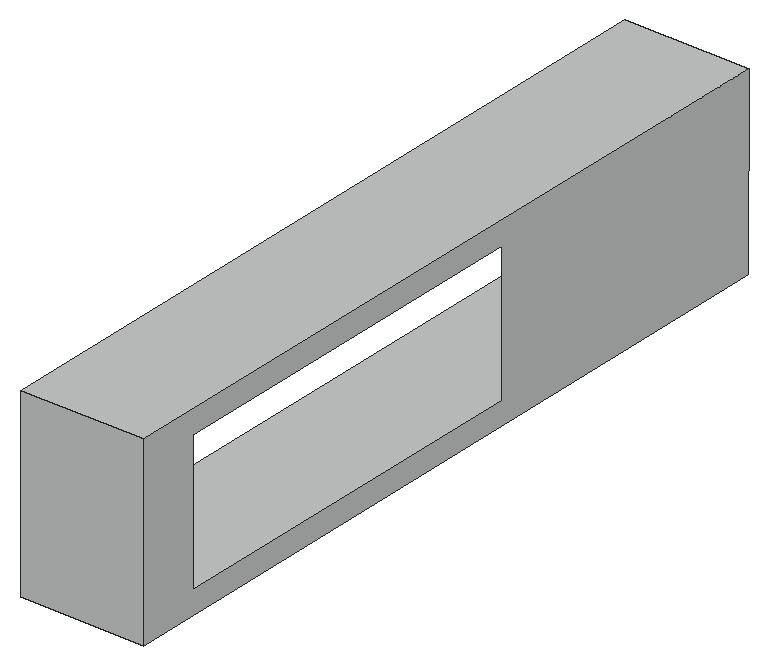
Revit family "MASSARI", category Curtain Panels, Revit 2019
Family settings
  OmniClass Number = 23.25.20.14.11.11.17
  OmniClass Title = Infill Panels
  Always vertical = Yes
  Cut with Voids When Loaded = No
  Shared = No
Parameters
  Material en Concreto = Concreto ladrillo
Reference planes (m)
  plane 1 "Centro (Frontal/Posterior)": y = 0
  plane 2: z = 0
  plane 3 "Centro (Izquierda/Derecha)": x = 0
  plane 4 "Izquierda": x = -1.5
  plane 5 "Derecha": x = 1.5
  plane 6 "Parte superior": z = 4
Forms (m)
  Extrusion 1, solid, material "Concreto ladrillo" <- "Material en Concreto"
    sketch origin (0, 0, 0.07) x (0, 0, -1) y (0, 1, 0)
      loop
        line (-0.05, 0.225516) -> (-0.05, -0.264484) -> (0.07, -0.264484) -> (0.07, 0.225516) -> (-0.05, 0.225516)
    from 0.08 to 0
  Blend 2, void
    base sketch origin (0, 0, 0) x (0, 1, 0) y (0, 0, 1)
      loop
        line (0.210516, 0.105) -> (-0.249484, 0.105) -> (-0.249484, 0.015) -> (0.210516, 0.015) -> (0.210516, 0.105)
    top sketch origin (0, 0, 0) x (0, 1, 0) y (0, 0, 1)
      loop
        line (0.025516, 0.105) -> (-0.224484, 0.105) -> (-0.224484, 0.015) -> (0.025516, 0.015) -> (0.025516, 0.105)
    from 0 to 0.08
Cuts and joins
  Blend 2 cuts Extrusion 1
Text (m)
  text "Exterior" at (-2.45384, 1.416179, 0), in view "Nivel de referencia"
  text "Exterior" at (0, 2.290741, 4.406713), in view "Izquierda"
  text "Exterior" at (0, 1.328187, 4.120349), in view "Derecha"
Dimensions and locks (m)
  equal spacing: plane 4 "Izquierda", plane 3 "Centro (Izquierda/Derecha)", plane 5 "Derecha"
  aligned and locked: level to plane 2
Automatic sketch dimensions
  plane 1 "Centro (Frontal/Posterior)" to Extrusion 1 sketch curve = 0.264484 m
  Extrusion 1 sketch curve to plane 1 "Centro (Frontal/Posterior)" = 0.225516 m
  level to Extrusion 1 sketch curve = 0.000 m
  Extrusion 1 sketch curve to Extrusion 1 sketch curve = 0.120 m
  level to Blend 2 sketch curve = 0.105 m  (x2)
  plane 1 "Centro (Frontal/Posterior)" to Blend 2 sketch curve = 0.249484 m
  level to Blend 2 sketch curve = 0.015 m  (x2)
  Blend 2 sketch curve to plane 1 "Centro (Frontal/Posterior)" = 0.210516 m
  plane 1 "Centro (Frontal/Posterior)" to Blend 2 sketch curve = 0.224484 m
  Blend 2 sketch curve to plane 1 "Centro (Frontal/Posterior)" = 0.025516 m
